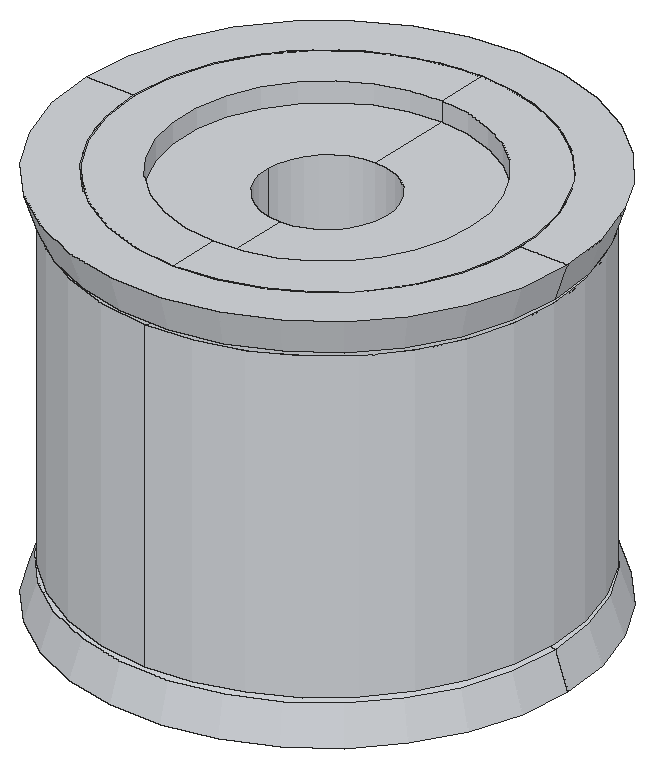
Revit family "RRHS", category Generic Models, Revit 2018
Family settings
  Can host rebar = No
  Round Connector Dimension = Use Diameter
  Part Type = Normal
  Work Plane-Based = Yes
  Always vertical = No
  Cut with Voids When Loaded = No
  Shared = Yes
  Room Calculation Point = No
Parameters (values of type "RRHS5161")
  Spacer Material = none
  Ship Complete Level [instance] = ""
  Required Date [instance] = ""
  Length = 1.000"
  Job [instance] = ""
  Inside Radius = Inside Diameter / 2  # 0.1565"
  Inside Diameter = 0.313"
  Group/Run [instance] = ""
  Description = "Spacer Hygienic 304 5/16 Inch Hole Dia 1 Inch long"
  Default Elevation = 48.000"
  Custom [instance] = ""
  Catalog Number = "RRHS5161"
  Assembly Name [instance] = ""
  Assembly ID [instance] = ""
Types (7): name | Length | Inside Radius | Inside Diameter | Description | Catalog Number
  RRHS5161 | 1.000" | 0.1565" | 0.313" | "Spacer Hygienic 304 5/16 Inch Hole Dia 1 Inch long" | "RRHS5161"
  RRHS5162 | 2.000" | 0.1565" | 0.313" | "Spacer Hygienic 304 5/16 Inch Hole Dia 2 Inch long" | "RRHS5162"
  RRHS5164 | 4.000" | 0.1565" | 0.313" | "Spacer Hygenic 304 5/16 Inch Hole Dia 4 Inch long" | "RRHS5164"
  RRHS7162 | 2.000" | 0.219" | 0.438" | "Spacer Hygenic 304 7/16 Inch Hole Dia 2 Inch long" | "RRHS7162"
  RRHS7164 | 4.000" | 0.219" | 0.438" | "Spacer Hygenic 304 7/16 Inch Hole Dia 4 Inch long" | "RRHS7164"
  RRHS7161 | 1.000" | 0.219" | 0.438" | "Spacer Hygenic 304 7/16 Inch Hole Dia 1 Inch long" | "RRHS7161"
  RRHS9162 | 2.000" | 0.2815" | 0.563" | "Spacer Hygienic 304 9/16 Inch Hole Dia 2 Inch long" | "RRHS9162"
Reference planes (in)
  plane 1 "Center (Front/Back)": y = 0
  plane 2: z = 0
  plane 3 "Center (Left/Right)": x = 0
  plane 4 "outer": x = -0.595
  plane 5 "vTop": z = 1
Forms (in)
  Revolve 1, solid, material <- "Spacer Material"
    sketch origin (0, 0, 0) x (0, 1, 0) y (0, 0, 1)
      loop
        line (0, 0) -> (0.505, 0) -> (0.47591, 0.10858)
        arc (0.47591, 0.10858) -> (0.4798, 0.12309) -> (0.49431, 0.12698) r 0.01503
        line (0.49431, 0.12698) -> (0.595, 0.1) -> (0.595, 0.90016) -> (0.49447, 0.87322)
        arc (0.49447, 0.87322) -> (0.47989, 0.87713) -> (0.47598, 0.89171) r 0.01509
        line (0.47598, 0.89171) -> (0.505, 1) -> (0.375, 1) -> (0.375, 0.95) -> (0, 0.95) -> (0, 0)
      axis (0, 1) -> (0, 0)
    angle from 0 to 360
  Extrusion 2, void
    sketch origin (0, 0, 0) x (1, 0, 0) y (0, 1, 0)
      loop
        circle (0, 0) r 0.1565
    from 0 to 1
Cuts and joins
  Extrusion 2 cuts Revolve 1
Dimensions and locks (in)
  locked: plane 4 "outer" to plane 3 "Center (Left/Right)" at 0.595
  "Length": plane 5 "vTop" to level
  locked: Revolve 1 sketch curve to plane 5 "vTop" at 0.05
  locked: Revolve 1 sketch curve to plane 5 "vTop" at 0.09984
  "Inside Radius": radius of Extrusion 2 sketch curve
  aligned and locked: plane 2 to level
  aligned and locked: Revolve 1 sketch curve to plane 5 "vTop"
  aligned and locked: Extrusion 2 to plane 5 "vTop"
Automatic sketch dimensions
  Revolve 1 sketch curve to plane 1 "Center (Front/Back)" = 0.000"  (x2)
  level to Revolve 1 sketch curve = 0.000"
  Revolve 1 sketch curve to Revolve 1 sketch curve = 0.375"
  level to Revolve 1 sketch curve = 0.10858"
  Revolve 1 sketch curve to Revolve 1 sketch curve = 0.47591"
  Revolve 1 sketch curve to Revolve 1 sketch curve = 0.10098"
  Revolve 1 sketch curve to Revolve 1 sketch curve = 0.01451"
  Revolve 1 sketch curve to Revolve 1 sketch curve = 0.01458"  (x2)
  level to Revolve 1 sketch curve = 0.12698"
  Revolve 1 sketch curve to Revolve 1 sketch curve = 0.00389"
  Revolve 1 sketch curve to Revolve 1 sketch curve = 0.00391"
  Revolve 1 sketch curve to Revolve 1 sketch curve = 0.02902"
  Revolve 1 sketch curve to Revolve 1 sketch curve = 0.02909"
  level to Revolve 1 sketch curve = 0.100"
  Revolve 1 sketch curve to Revolve 1 sketch curve = 0.10069"
  Revolve 1 sketch curve to Revolve 1 sketch curve = 0.02694"
  Revolve 1 sketch curve to level = 4.500"
  Revolve 1 sketch curve to Revolve 1 sketch curve = 4.550"
  plane 1 "Center (Front/Back)" to Extrusion 2 sketch curve = 0.000"
  Extrusion 2 sketch curve to plane 3 "Center (Left/Right)" = 0.000"
Nested families (in)
  nested 1: "GSK002001" at (0, 0, 0), Required Date <- "Required Date", Assembly Name <- "Assembly Name", Assembly ID <- "Assembly ID", Group/Run <- "Group/Run", Job <- "Job", Ship Complete Level <- "Ship Complete Level", Custom <- "Custom", type "GSK002001-01"
    with Ship Complete Level "", Required Date "", Job "", Group/Run "", Custom "", Assembly Name "", Assembly ID ""
  nested 2: "GSK002001" at (0, 0, 1) x (1, 0, 0) z (0, 0, -1), Required Date <- "Required Date", Assembly Name <- "Assembly Name", Assembly ID <- "Assembly ID", Group/Run <- "Group/Run", Job <- "Job", Ship Complete Level <- "Ship Complete Level", Custom <- "Custom", type "GSK002001-01"
    with Ship Complete Level "", Required Date "", Job "", Group/Run "", Custom "", Assembly Name "", Assembly ID ""
Definition of nested family "GSK002001"
  Parameters (values of type "GSK002001-01")
    Ship Complete Level [instance] = ""
    Required Date [instance] = ""
    Job [instance] = ""
    Group/Run [instance] = ""
    Gasket Material = none
    Description = "Spacer Gasket"
    Default Elevation = 48.000"
    Custom [instance] = ""
    Catalog Number = "RMGSK002001"
    Assembly Name [instance] = ""
    Assembly ID [instance] = ""
  Reference planes (in)
    plane 1 "Center (Front/Back)": y = 0
    plane 2: z = 0
    plane 3 "Center (Left/Right)": x = 0
    plane 4: x = -0.6285
  Forms (in)
    Revolve 1, solid, material <- "Gasket Material"
      sketch origin (0, 0, 0) x (1, 0, 0) y (0, 0, 1)
        loop
          arc (-0.47878, 0.09785) -> (-0.48266, 0.11234) -> (-0.49715, 0.11622) r 0.015
          line (-0.49715, 0.11622) -> (-0.59868, 0.08901) -> (-0.6285, 0) -> (-0.505, 0) -> (-0.47878, 0.09785)
        axis (0, 0.11622) -> (0, 0)
      angle from 0 to 360
  Dimensions and locks (in)
    aligned and locked: level to plane 2
